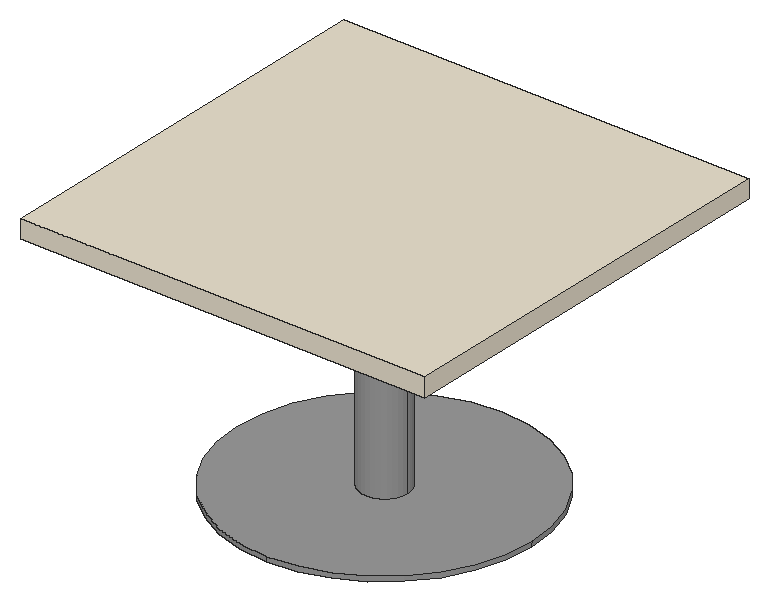
Revit family "FU_Table_Sandler_578B-XT", category Furniture, Revit 2020
Family settings
  OmniClass Number = 23.40.20.00
  OmniClass Title = General Furniture and Specialties
  Work Plane-Based = No
  Always vertical = Yes
  Cut with Voids When Loaded = No
  Shared = No
  Room Calculation Point = No
Parameters (values of type "578B XT - 28" Square Top (70cm)")
  Width = 510 mm
  URL = "https://www.sandlerseating.com/product/art-578b-xt/"
  Top Type = FU_TableTops_MT Sqr : 28" Square (70cm)
  Top Elevation = Height  # 425 mm
  Top Finish [instance] = Wood - Beech - Grey Stained
  Model = "578B XT"
  Manufacturer = "Sandler"
  Height = 425 mm
  Frame Finish [instance] = Metal - Steel - Polished
  Description = "Table base in stainless steel."
  Depth = Width  # 510 mm
  Default Elevation = 0 mm
Types (5, lengths in mm): name | Top Type | Frame Finish
  (no name) | FU_TableTops_MT Sqr : 28" Square (70cm) | Metal - Steel - Polished
  578B XT - 32" Round Top (80cm) | FU_TableTops_MT Rnd : 32" Round (80cm) | Metal - Steel - Matt-Satin
  578B XT - 36" Round Top (90cm) | FU_TableTops_MT Rnd : 36" Round (90cm) | Metal - Steel - Matt-Satin
  578B XT - 32" Square Top (80cm) | FU_TableTops_MT Sqr : 32" Square (80cm) | Metal - Steel - Polished
  578B XT - 28" Square Top (70cm) | FU_TableTops_MT Sqr : 28" Square (70cm) | Metal - Steel - Polished
Reference planes
  plane 1 "Center (Front/Back)": y = 0
  plane 2: z = 0
  plane 3 "Center (Left/Right)": x = 0
  plane 4 "Right": x = -255
  plane 5 "Left": x = 255
  plane 6 "Back": y = 255
  plane 7 "Front": y = -255
  plane 8 "Height": z = 425
  plane 9 "Top Support": z = 405
  plane 10 "Glide Height": z = 6
  plane 11 "Base height": z = 14
  plane 12 "R Pad C": x = -239
  plane 13 "B Pad C": y = 239
  plane 14 "L Pad C": x = 239
  plane 15 "F Pad C": y = -239
Forms (mm)
  Extrusion 1, solid, material "Metal - Steel - Polished" <- "Frame Finish"
    sketch origin (0, 0, 6) x (-1, 0, 0) y (0, -1, 0)
      loop
        arc (255, 0) -> (180.312, 180.312) -> (0, 255) r 255
        arc (0, 255) -> (-180.312, 180.312) -> (-255, 0) r 255
        arc (-255, 0) -> (-180.312, -180.312) -> (0, -255) r 255
        arc (0, -255) -> (180.312, -180.312) -> (255, 0) r 255
    from 0 to 8
  Revolve 2, solid, material "Rubber, Black"
    sketch origin (0, 0, 0) x (1, 0, 0) y (0, 0, 1)
      loop
        line (-239, 0) -> (-239, 6) -> (-247, 6) -> (-247, 2)
        arc (-247, 2) -> (-246.414, 0.586) -> (-245, 0) r 2
        line (-245, 0) -> (-239, 0)
      axis (-239, 6) -> (-239, 0)
    angle from 0 to 360
  Revolve 3, solid, material "Rubber, Black"
    sketch origin (0, 0, 0) x (-1, 0, 0) y (0, 0, 1)
      loop
        line (-239, 0) -> (-239, 6) -> (-247, 6) -> (-247, 2)
        arc (-247, 2) -> (-246.414, 0.586) -> (-245, 0) r 2
        line (-245, 0) -> (-239, 0)
      axis (-239, 6) -> (-239, 0)
    angle from 0 to 360
  Revolve 4, solid, material "Rubber, Black"
    sketch origin (0, 0, 0) x (0, 1, 0) y (0, 0, 1)
      loop
        line (-239, 6) -> (-247, 6) -> (-247, 2)
        arc (-247, 2) -> (-246.414, 0.586) -> (-245, 0) r 2
        line (-245, 0) -> (-239, 0) -> (-239, 6)
      axis (-239, 6) -> (-239, 0)
    angle from 0 to 360
  Revolve 5, solid, material "Rubber, Black"
    sketch origin (0, 0, 0) x (0, -1, 0) y (0, 0, 1)
      loop
        line (-239, 6) -> (-247, 6) -> (-247, 2)
        arc (-247, 2) -> (-246.414, 0.586) -> (-245, 0) r 2
        line (-245, 0) -> (-239, 0) -> (-239, 6)
      axis (-239, 6) -> (-239, 0)
    angle from 0 to 360
  Extrusion 6, solid, material "Metal - Steel - Polished" <- "Frame Finish"
    sketch origin (0, 0, 6) x (-1, 0, 0) y (0, -1, 0)
      loop
        circle (0, 0) r 40
    from 0 to 399
Dimensions and locks
  equal spacing: plane 4 "Right", plane 3 "Center (Left/Right)", plane 5 "Left"
  "Width": plane 4 "Right" to plane 5 "Left"
  equal spacing: plane 6 "Back", plane 1 "Center (Front/Back)", plane 7 "Front"
  "Depth": plane 6 "Back" to plane 7 "Front"
  "Height": plane 8 "Height" to level
  locked: plane 8 "Height" to plane 9 "Top Support" at 20
  locked: plane 4 "Right" to plane 12 "R Pad C" at 16
  plane 14 "L Pad C" to plane 5 "Left" = 16 mm
  locked: plane 6 "Back" to plane 13 "B Pad C" at 16
  locked: plane 15 "F Pad C" to plane 7 "Front" at 16
  aligned and locked: level to plane 2
  aligned and locked: Extrusion 1 to plane 11 "Base height"
  aligned and locked: plane 11 "Base height" to Extrusion 1  (x3)
  aligned and locked: plane 8 "Height" to nested 1
  aligned and locked: Extrusion 6 to plane 10 "Glide Height"
  aligned and locked: plane 9 "Top Support" to Extrusion 6
Automatic sketch dimensions
  Extrusion 1 sketch curve to Extrusion 1 sketch curve = 0 mm  (x12)
  plane 1 "Center (Front/Back)" to Extrusion 1 sketch curve = 0 mm
  Extrusion 1 sketch curve to plane 5 "Left" = 0 mm
  Extrusion 1 sketch curve to plane 3 "Center (Left/Right)" = 0 mm  (x3)
  Revolve 2 sketch curve to plane 10 "Glide Height" = 0 mm
  Revolve 2 sketch curve to level = 0 mm
  plane 12 "R Pad C" to Revolve 2 sketch curve = 0 mm  (x2)
  Revolve 2 sketch curve to Revolve 2 sketch curve = 6 mm
  Revolve 2 sketch curve to Revolve 2 sketch curve = 2 mm
  Revolve 2 sketch curve to level = 10.049 mm
  Revolve 2 sketch curve to plane 11 "Base height" = 2.095 mm
  Revolve 3 sketch curve to plane 10 "Glide Height" = 0 mm
  Revolve 3 sketch curve to level = 0 mm
  Revolve 3 sketch curve to plane 14 "L Pad C" = 0 mm  (x2)
  Revolve 3 sketch curve to Revolve 3 sketch curve = 6 mm
  Revolve 3 sketch curve to Revolve 3 sketch curve = 2 mm
  level to Revolve 3 sketch curve = 10.049 mm
  plane 11 "Base height" to Revolve 3 sketch curve = 2.095 mm
  Revolve 4 sketch curve to plane 10 "Glide Height" = 0 mm
  Revolve 4 sketch curve to level = 0 mm
  Revolve 4 sketch curve to plane 15 "F Pad C" = 0 mm  (x2)
  level to Revolve 4 sketch curve = 2 mm
  plane 15 "F Pad C" to Revolve 4 sketch curve = 6 mm
  Revolve 4 sketch curve to level = 5.787 mm
  Revolve 4 sketch curve to plane 11 "Base height" = 1.201 mm
  Revolve 5 sketch curve to plane 10 "Glide Height" = 0 mm
  Revolve 5 sketch curve to level = 0 mm
  Revolve 5 sketch curve to plane 13 "B Pad C" = 0 mm  (x2)
  Revolve 5 sketch curve to level = 2 mm
  Revolve 5 sketch curve to plane 13 "B Pad C" = 6 mm
  Revolve 5 sketch curve to Revolve 5 sketch curve = 5.787 mm
  plane 11 "Base height" to Revolve 5 sketch curve = 1.201 mm
  plane 1 "Center (Front/Back)" to Extrusion 6 sketch curve = 0 mm
  Extrusion 6 sketch curve to plane 3 "Center (Left/Right)" = 0 mm
  radius of Extrusion 6 sketch curve = 40 mm
Nested families
  nested 1: "MT Top Support" at (0, 0, -295), Frame Finish <- "Frame Finish", type "MT Top Support"
    with Frame Finish Metal - Steel - Polished
  nested 2: "FU_TableTops_MT Sqr" at (0, 0, 0), Top Elevation <- "Top Elevation", Top Finish <- "Top Finish", type <- "Top Type", type "28" Square (70cm)"
    with Top Finish Wood - Beech - Grey Stained, Top Elevation 425 mm
Definition of nested family "MT Top Support"
  Parameters (values of type "MT Top Support")
    Frame Finish [instance] = none
    Default Elevation = 0 mm
  Reference planes
    plane 1 "Center (Front/Back)": y = 0
    plane 2: z = 0
    plane 3 "Center (Left/Right)": x = 0
    plane 4 "Right": x = -210
    plane 5 "Left": x = 210
    plane 6 "Back": y = 210
    plane 7 "Front": y = -210
    plane 8 "Height": z = 720
    plane 9: z = 700
  Forms (mm)
    Extrusion 1, solid, material <- "Frame Finish"
      sketch origin (0, 0, 700) x (-1, 0, 0) y (0, -1, 0)
        loop
          line (48, 44.024) -> (119.736, 115.76)
          arc (119.736, 115.76) -> (116.918, 118.6) -> (114.032, 121.37) r 166.741
          line (114.032, 121.37) -> (40.38, 47.718) -> (-40.38, 47.718) -> (-114.032, 121.37)
          arc (-114.032, 121.37) -> (-116.918, 118.6) -> (-119.736, 115.76) r 166.741
          line (-119.736, 115.76) -> (-48, 44.024) -> (-48, -44.024) -> (-120.014, -116.038)
          arc (-120.014, -116.038) -> (-117.202, -118.884) -> (-114.323, -121.661) r 166.741
          line (-114.323, -121.661) -> (-40.944, -48.282) -> (40.944, -48.282) -> (114.323, -121.661)
          arc (114.323, -121.661) -> (117.202, -118.884) -> (120.014, -116.038) r 166.741
          line (120.014, -116.038) -> (48, -44.024) -> (48, 44.024)
      from 0 to 15
    Extrusion 2, solid, material <- "Frame Finish"
      sketch origin (0, 0, 720) x (-1, 0, 0) y (0, -1, 0)
        loop
          arc (48, 9.198) -> (50.194, 20.46) -> (56.455, 30.074) r 30
          line (56.455, 30.074) -> (155.027, 131.809)
          arc (155.027, 131.809) -> (157.282, 137.439) -> (154.939, 143.033) r 8
          line (154.939, 143.033) -> (142.122, 155.85)
          arc (142.122, 155.85) -> (136.465, 158.193) -> (130.808, 155.85) r 8
          line (130.808, 155.85) -> (32.027, 57.069)
          arc (32.027, 57.069) -> (22.294, 50.566) -> (10.814, 48.282) r 30
          line (10.814, 48.282) -> (-10.814, 48.282)
          arc (-10.814, 48.282) -> (-22.294, 50.566) -> (-32.027, 57.069) r 30
          line (-32.027, 57.069) -> (-130.808, 155.85)
          arc (-130.808, 155.85) -> (-136.465, 158.193) -> (-142.122, 155.85) r 8
          line (-142.122, 155.85) -> (-154.939, 143.033)
          arc (-154.939, 143.033) -> (-157.282, 137.439) -> (-155.027, 131.809) r 8
          line (-155.027, 131.809) -> (-56.455, 30.074)
          arc (-56.455, 30.074) -> (-50.194, 20.46) -> (-48, 9.198) r 30
          line (-48, 9.198) -> (-48, -9.198)
          arc (-48, -9.198) -> (-50.194, -20.46) -> (-56.455, -30.074) r 30
          line (-56.455, -30.074) -> (-155.027, -131.809)
          arc (-155.027, -131.809) -> (-157.282, -137.439) -> (-154.939, -143.033) r 8
          line (-154.939, -143.033) -> (-142.122, -155.85)
          arc (-142.122, -155.85) -> (-136.465, -158.193) -> (-130.808, -155.85) r 8
          line (-130.808, -155.85) -> (-32.027, -57.069)
          arc (-32.027, -57.069) -> (-22.294, -50.566) -> (-10.814, -48.282) r 30
          line (-10.814, -48.282) -> (10.814, -48.282)
          arc (10.814, -48.282) -> (22.294, -50.566) -> (32.027, -57.069) r 30
          line (32.027, -57.069) -> (130.808, -155.85)
          arc (130.808, -155.85) -> (136.465, -158.193) -> (142.122, -155.85) r 8
          line (142.122, -155.85) -> (154.939, -143.033)
          arc (154.939, -143.033) -> (157.282, -137.439) -> (155.027, -131.809) r 8
          line (155.027, -131.809) -> (56.455, -30.074)
          arc (56.455, -30.074) -> (50.194, -20.46) -> (48, -9.198) r 30
          line (48, -9.198) -> (48, 9.198)
        loop
          line (-134.399, -141.055) -> (-124.502, -131.158)
          arc (-124.502, -131.158) -> (-124.502, -125.502) -> (-130.158, -125.502) r 3.999
          line (-130.158, -125.502) -> (-140.055, -135.399)
          arc (-140.055, -135.399) -> (-140, -141.001) -> (-134.399, -141.055) r 4
        loop
          arc (134.399, -141.055) -> (140, -141.001) -> (140.055, -135.399) r 4
          line (140.055, -135.399) -> (130.158, -125.502)
          arc (130.158, -125.502) -> (124.502, -125.502) -> (124.502, -131.158) r 3.999
          line (124.502, -131.158) -> (134.399, -141.055)
        loop
          arc (-134.399, 141.055) -> (-140, 141.001) -> (-140.055, 135.399) r 4
          line (-140.055, 135.399) -> (-130.158, 125.502)
          arc (-130.158, 125.502) -> (-124.502, 125.502) -> (-124.502, 131.158) r 3.999
          line (-124.502, 131.158) -> (-134.399, 141.055)
        loop
          line (134.399, 141.055) -> (124.502, 131.158)
          arc (124.502, 131.158) -> (124.502, 125.502) -> (130.158, 125.502) r 3.999
          line (130.158, 125.502) -> (140.055, 135.399)
          arc (140.055, 135.399) -> (140, 141.001) -> (134.399, 141.055) r 4
        loop
          circle (0, 0) r 7.5
      from -10 to 0
  Dimensions and locks
    equal spacing: plane 4 "Right", plane 3 "Center (Left/Right)", plane 5 "Left"
    plane 4 "Right" to plane 5 "Left" = 420 mm
    equal spacing: plane 6 "Back", plane 1 "Center (Front/Back)", plane 7 "Front"
    plane 6 "Back" to plane 7 "Front" = 420 mm
    plane 8 "Height" to level = 720 mm
    locked: plane 8 "Height" to plane 9 at 20
    aligned and locked: level to plane 2
  Automatic sketch dimensions
    plane 1 "Center (Front/Back)" to Extrusion 2 sketch curve = 0 mm
    Extrusion 2 sketch curve to plane 3 "Center (Left/Right)" = 0 mm
    plane 3 "Center (Left/Right)" to Extrusion 2 sketch curve = 10.814 mm  (x2)
    Extrusion 2 sketch curve to Extrusion 2 sketch curve = 21.213 mm  (x4)
    plane 1 "Center (Front/Back)" to Extrusion 2 sketch curve = 9.198 mm  (x2)
    plane 3 "Center (Left/Right)" to Extrusion 2 sketch curve = 48 mm
    Extrusion 2 sketch curve to plane 1 "Center (Front/Back)" = 30.074 mm  (x2)
    Extrusion 2 sketch curve to Extrusion 2 sketch curve = 8.455 mm  (x4)
    plane 1 "Center (Front/Back)" to Extrusion 2 sketch curve = 30.074 mm  (x2)
    Extrusion 2 sketch curve to plane 1 "Center (Front/Back)" = 9.198 mm  (x2)
    plane 5 "Left" to Extrusion 2 sketch curve = 85.498 mm  (x2)
    Extrusion 2 sketch curve to Extrusion 2 sketch curve = 2.828 mm  (x12)
    Extrusion 2 sketch curve to Extrusion 2 sketch curve = 6.306 mm  (x4)
    Extrusion 2 sketch curve to Extrusion 2 sketch curve = 9.897 mm  (x8)
    Extrusion 2 sketch curve to Extrusion 2 sketch curve = 5.657 mm  (x16)
    Extrusion 2 sketch curve to Extrusion 2 sketch curve = 2.773 mm  (x8)
    Extrusion 2 sketch curve to Extrusion 2 sketch curve = 2.883 mm  (x4)
    Extrusion 2 sketch curve to Extrusion 2 sketch curve = 9.227 mm  (x4)
    Extrusion 2 sketch curve to Extrusion 2 sketch curve = 5.745 mm  (x4)
    Extrusion 2 sketch curve to plane 3 "Center (Left/Right)" = 10.814 mm  (x2)
    Extrusion 2 sketch curve to plane 3 "Center (Left/Right)" = 48 mm
    Extrusion 2 sketch curve to plane 1 "Center (Front/Back)" = 48.282 mm
    Extrusion 2 sketch curve to Extrusion 2 sketch curve = 8.787 mm  (x4)
    Extrusion 2 sketch curve to plane 6 "Back" = 84.498 mm  (x2)
    Extrusion 2 sketch curve to Extrusion 2 sketch curve = 6.307 mm  (x4)
    Extrusion 2 sketch curve to Extrusion 2 sketch curve = 5.567 mm  (x4)
    Extrusion 2 sketch curve to Extrusion 2 sketch curve = 9.138 mm  (x4)
    plane 1 "Center (Front/Back)" to Extrusion 2 sketch curve = 48.282 mm
    plane 7 "Front" to Extrusion 2 sketch curve = 84.498 mm  (x2)
    Extrusion 1 sketch curve to Extrusion 1 sketch curve = 0 mm  (x12)
    Extrusion 1 sketch curve to plane 3 "Center (Left/Right)" = 0 mm
    plane 3 "Center (Left/Right)" to Extrusion 1 sketch curve = 40.38 mm
    plane 3 "Center (Left/Right)" to Extrusion 1 sketch curve = 40.944 mm
    Extrusion 1 sketch curve to Extrusion 1 sketch curve = 7.056 mm  (x2)
    plane 5 "Left" to Extrusion 1 sketch curve = 95.968 mm
    plane 5 "Left" to Extrusion 1 sketch curve = 95.677 mm
    Extrusion 1 sketch curve to Extrusion 1 sketch curve = 5.704 mm  (x2)
    Extrusion 1 sketch curve to Extrusion 1 sketch curve = 5.691 mm  (x2)
    Extrusion 1 sketch curve to plane 3 "Center (Left/Right)" = 40.38 mm
    Extrusion 1 sketch curve to plane 3 "Center (Left/Right)" = 40.944 mm
    Extrusion 1 sketch curve to plane 6 "Back" = 88.339 mm  (x2)
    Extrusion 1 sketch curve to Extrusion 1 sketch curve = 5.623 mm
    Extrusion 1 sketch curve to plane 1 "Center (Front/Back)" = 48.282 mm
    Extrusion 1 sketch curve to Extrusion 1 sketch curve = 4.258 mm  (x2)
    plane 1 "Center (Front/Back)" to Extrusion 1 sketch curve = 44.024 mm  (x2)
    Extrusion 1 sketch curve to Extrusion 1 sketch curve = 3.693 mm
    plane 7 "Front" to Extrusion 1 sketch curve = 94.24 mm  (x2)
    Extrusion 1 sketch curve to plane 4 "Right" = 95.968 mm
    Extrusion 1 sketch curve to plane 4 "Right" = 95.677 mm
    Extrusion 2 sketch curve to plane 4 "Right" = 85.498 mm  (x2)
    radius of Extrusion 2 sketch curve = 7.5 mm
Definition of nested family "FU_TableTops_MT Sqr"
  Parameters (values of type "28" Square (70cm)")
    Width = 700 mm
    Top Finish [instance] = none
    Top Elevation [instance] = 1100 mm
    Depth = 700 mm
    Default Elevation = 0 mm
  Types (2, lengths in mm): name | Width | Depth
    32" Square (80cm) | 800 | 800
    28" Square (70cm) | 700 | 700
  Reference planes
    plane 1 "Center (Front/Back)": y = 0
    plane 2: z = 0
    plane 3 "Center (Left/Right)": x = 0
    plane 4 "Right": x = -350
    plane 5 "Left": x = 350
    plane 6 "Back": y = 350
    plane 7 "Front": y = -350
    plane 8 "Elevation": z = 1100
    plane 9 "Top Height": z = 1131.75
  Forms (mm)
    Extrusion 1, solid, material <- "Top Finish"
      sketch origin (0, 0, 1100) x (-1, 0, 0) y (0, -1, 0)
        loop
          line (350, -350) -> (350, 350) -> (-350, 350) -> (-350, -350) -> (350, -350)
      from 0 to 31.75
  Dimensions and locks
    equal spacing: plane 4 "Right", plane 3 "Center (Left/Right)", plane 5 "Left"
    "Width": plane 4 "Right" to plane 5 "Left"
    equal spacing: plane 6 "Back", plane 1 "Center (Front/Back)", plane 7 "Front"
    "Depth": plane 6 "Back" to plane 7 "Front"
    "Top Elevation": plane 8 "Elevation" to level
    locked: plane 9 "Top Height" to plane 8 "Elevation" at 31.75
    aligned and locked: level to plane 2
    aligned and locked: Extrusion 1 sketch curve to plane 6 "Back"
    aligned and locked: Extrusion 1 sketch curve to plane 4 "Right"
    aligned and locked: plane 7 "Front" to Extrusion 1 sketch curve
    aligned and locked: plane 5 "Left" to Extrusion 1 sketch curve
    aligned and locked: Extrusion 1 to plane 8 "Elevation"
    aligned and locked: plane 8 "Elevation" to Extrusion 1  (x2)
    aligned and locked: plane 9 "Top Height" to Extrusion 1
    aligned and locked: Extrusion 1 to plane 9 "Top Height"
